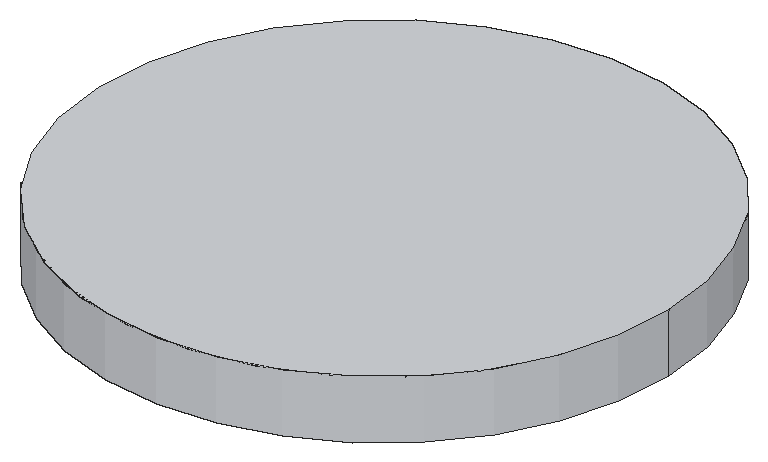
Revit family "Beacon NEW", category Lighting Fixtures, Revit 2016
Family settings
  Part Type = Normal
  Round Connector Dimension = Use Diameter
  OmniClass Number = 23.80.70.00
  OmniClass Title = Lighting
  Work Plane-Based = Yes
  Always vertical = No
  Cut with Voids When Loaded = No
  Light Source = Yes
  Shared = No
  Room Calculation Point = No
Parameters (values of type "Beacon Std.")
  Wattage = 12.1178 W
  built-in parameter 1150110 = 1 (stored number, unit not read)
  built-in parameter 1114217 = 1 (stored number, unit not read)
  built-in parameter 1150109 = 1 (stored number, unit not read)
  built-in parameter 1150134 = (empty or 0)
  built-in parameter 1150113 = 1 (stored number, unit not read)
  Lumens = 1800 lm
  built-in parameter 1010506 = 75.00°  # 1.309 (stored number, unit not read)
  built-in parameter 1010507 = 75.00°  # 1.309 (stored number, unit not read)
  Tilt Angle = -90.00°  # constant formula
  built-in parameter 1150115 = 1 (stored number, unit not read)
  built-in parameter 1150105 = 6018.4 (stored number, unit not read)
  built-in parameter 1150131 = 3000 mm
  built-in parameter 1150137 = (empty or 0)
  built-in parameter 1150139 = (empty or 0)
  built-in parameter 1150112 = 1 (stored number, unit not read)
  built-in parameter 1150114 = 1 (stored number, unit not read)
  built-in parameter 1150132 = 2
  built-in parameter 1150102 = (empty or 0)
  built-in parameter 1150138 = (empty or 0)
  Light Source Symbol Length = 914400 mm
  built-in parameter 1150106 = 60.184 (stored number, unit not read)
  built-in parameter 1150104 = 13.8 (stored number, unit not read)
  Dimming Lamp Color Temperature Shift = <None>
  Default Elevation = 1219.2 mm
  Color Filter = 16777215
  Beacon Height = 50 mm
  Beacon Diameter = 480 mm
  built-in parameter 1114218 = 1 (stored number, unit not read)
  built-in parameter 1150133 = 10 (stored number, unit not read)
Types (3, lengths in mm): name | built-in parameter 1150131
  Beacon Std. | 3000
  High Ceiling | 6000
  Low Ceiling | 2500
Reference planes
  plane 1 "Tilt Plane (F/B)": y = 0
  plane 2: z = 0
  plane 3 "Light Source Axis (L/R)": x = 0
  plane 4 "Light Source Elevation": z = 0
Forms (mm)
  Extrusion 1, solid
    sketch origin (0, 0, 0) x (0, -1, 0) y (1, 0, 0)
      loop
        circle (0, 0) r 240
    from 0 to 50
Text (mm)
  text "0 Tilt Angle" at (809.978, -4572, 1586.413), in view "Front"
  text "90" at (-194.597, -4572, 2488.248), in view "Front"
  text "180" at (-1130.68, -4572, 1586.413), in view "Front"
  text "270" at (-320.169, -4572, 456.265), in view "Front"
  text "0 Tilt Angle" at (1952.354, 4572, 1542.98), in view "Back"
  text "180" at (-876.627, 4572, 1524.796), in view "Back"
  text "90" at (296.375, 4572, 2698.908), in view "Back"
  text "270" at (421.947, 4572, 666.926), in view "Back"
Dimensions and locks
  "Beacon Height": Extrusion 1 to imposter light
  "Beacon Diameter": diameter of Extrusion 1
  aligned and locked: imposter light to plane 3 "Light Source Axis (L/R)"
  aligned and locked: plane 4 "Light Source Elevation" to imposter light
  aligned and locked: plane 2 to level
  aligned and locked: imposter light to level
  aligned and locked: imposter light to plane 1 "Tilt Plane (F/B)"
  aligned and locked: imposter light to Extrusion 1 sketch curve  (x2)
Automatic sketch dimensions
  radius of Extrusion 1 sketch curve = 240 mm
